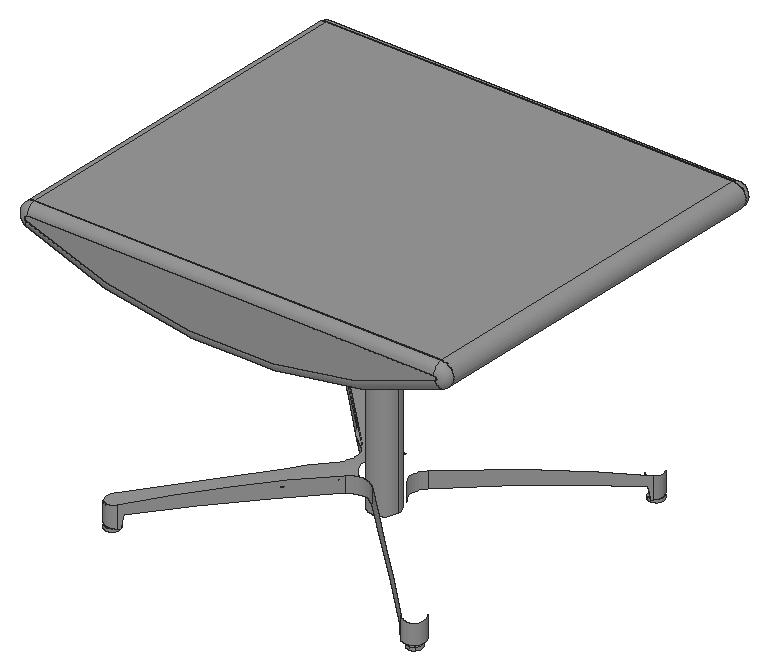
Revit family "Chico-Ottoman_Chair-Via_Seating", category Furniture, Revit 2014
Parameters (values of type "955-4POL")
  URL = "www.viaseating.com"
  Type Comments = "Ottoman"
  Salvage or Reuse = yes
  Plastic = UHMW, Black
  Percentage of Recycled Content = 0
  Model = "955-4POL"
  Material = ""
  Manufacturer = "VIA SEATING"  # constant formula
  Low Emitting Material = yes
  Low Emitting Finish = yes
  Leg Type = Otto 4 leg : 4POL
  Keynote = "12500"
  HW = Aluminum
  Fabric = Linen, White
  Description = "Fixed Height Swivel Base With Auto Return, 4 Leg Base"
  CYL = Steel, Chrome Plated
  Assembly Code = "E2020200"
  Aluminum = Aluminum
Types (3): name | Model | Leg Type | Description
  (no name) | "955-4POL" | Otto 4 leg : 4POL | "Fixed Height Swivel Base With Auto Return, 4 Leg Base"
  955-4POL | "955-4POL" | Otto 4 leg : 4POL | "Fixed Height Swivel Base With Auto Return, 4 Leg Base"
  955-DISC | "955-DISC" | Otto Disc : DSC | "Fixed Height Swivel Base With Auto Return, Disc Base"
Reference planes (in)
  plane 1 "Center Front/Back": y = 0
  plane 2: z = 0
  plane 3 "Center Left/Right": x = 0
Forms (in)
  Extrusion 1, solid, material "Steel, Chrome Plated" <- "CYL"
    sketch origin (0.00242, -0.00528, 3.2482) x (0, 1, 0) y (1, 0, 0)
      loop
        circle (0, 0) r 0.5
    from -4.875 to -6.2518
  Blend 2, solid, material "Aluminum" <- "HW"
    base sketch origin (0.00242, -0.00528, 9.1) x (0.707107, 0.707107, 0) y (-0.707107, 0.707107, 0)
      loop
        line (-1.43076, 0) -> (0, -1.43076) -> (1.43076, 0) -> (0, 1.43076) -> (-1.43076, 0)
    top sketch origin (0.00242, -0.00528, 9.1) x (0.707107, 0.707107, 0) y (-0.707107, 0.707107, 0)
      loop
        line (-2.12132, 0) -> (0, -2.12132) -> (2.12132, 0) -> (0, 2.12132) -> (-2.12132, 0)
    from 0 to 2.25
  Extrusion 3, solid, material "Aluminum" <- "HW"
    sketch origin (0.00242, -0.00528, 11.35) x (1, 0, 0) y (0, 1, 0)
      loop
        line (1.75, 1.75) -> (-1.75, 1.75) -> (-1.75, -1.75) -> (1.75, -1.75) -> (1.75, 1.75)
    from 0 to 0.25
  Extrusion 4, solid, material "Linen, White" <- "Fabric"
    sketch origin (0, 0, 0) x (1, 0, 0) y (0, 0, 1)
      loop
        arc (-10.58741, 15) -> (-11.19863, 14.50553) -> (-10.84272, 13.80452) r 0.625
        arc (-10.84272, 13.80452) -> (0, 11.48893) -> (10.84272, 13.80452) r 26.54317
        arc (10.84272, 13.80452) -> (11.19863, 14.50553) -> (10.58741, 15) r 0.625
        line (10.58741, 15) -> (-10.58741, 15)
    from -9.5 to 9.5
  Sweep 5, solid, material "Linen, White" <- "Fabric"
    path origin (0, -9.5, 0) x (1, 0, 0) y (0, 0, 1)
      loop
        line (10.58741, 15) -> (-10.58741, 15)
        arc (-10.58741, 15) -> (-11.19863, 14.50553) -> (-10.84272, 13.80452) r 0.625
        arc (-10.84272, 13.80452) -> (0, 11.48893) -> (10.84272, 13.80452) r 26.54317
        arc (10.84272, 13.80452) -> (11.19863, 14.50553) -> (10.58741, 15) r 0.625
    profile origin (0, -9.5, 15) x (0, 0, -1) y (0, -1, 0)
      loop
        line (0, 0) -> (0.5, 0) -> (0.5, 0.5)
        arc (0.5, 0.5) -> (0.14645, 0.35355) -> (0, 0) r 0.5
  Extrusion 6, solid, material "Linen, White" <- "Fabric"
    sketch origin (0, -9.5, 0) x (1, 0, 0) y (0, 0, 1)
      loop
        arc (-10.58741, 14.5) -> (-10.70965, 14.40111) -> (-10.63847, 14.2609) r 0.125
        arc (-10.63847, 14.2609) -> (0, 11.98893) -> (10.63847, 14.2609) r 26.04317
        arc (10.63847, 14.2609) -> (10.70965, 14.40111) -> (10.58741, 14.5) r 0.125
        line (10.58741, 14.5) -> (-10.58741, 14.5)
    from 0 to 0.5
  Sweep 7, solid, material "Linen, White" <- "Fabric"
    path origin (0, 9.5, 0) x (1, 0, 0) y (0, 0, 1)
      loop
        line (10.58741, 15) -> (-10.58741, 15)
        arc (-10.58741, 15) -> (-11.19863, 14.50553) -> (-10.84272, 13.80452) r 0.625
        arc (-10.84272, 13.80452) -> (0, 11.48893) -> (10.84272, 13.80452) r 26.54317
        arc (10.84272, 13.80452) -> (11.19863, 14.50553) -> (10.58741, 15) r 0.625
    profile origin (0, 9.5, 15) x (0, 0, -1) y (0, -1, 0)
      loop
        arc (0, 0) -> (0.14645, -0.35355) -> (0.5, -0.5) r 0.5
        line (0.5, -0.5) -> (0.5, 0) -> (0, 0)
  Extrusion 8, solid, material "Linen, White" <- "Fabric"
    sketch origin (0, 9.5, 0) x (1, 0, 0) y (0, 0, -1)
      loop
        line (-10.58741, -14.5) -> (10.58741, -14.5)
        arc (10.58741, -14.5) -> (10.70965, -14.40111) -> (10.63847, -14.2609) r 0.125
        arc (10.63847, -14.2609) -> (0, -11.98893) -> (-10.63847, -14.2609) r 26.04317
        arc (-10.63847, -14.2609) -> (-10.70965, -14.40111) -> (-10.58741, -14.5) r 0.125
    from 0 to 0.5
Dimensions and locks (in)
  aligned and locked: level to plane 2
  aligned and locked: plane 3 "Center Left/Right" to nested 1
  aligned and locked: plane 1 "Center Front/Back" to nested 1
Nested families (in)
  nested 1: "Otto 4 leg" at (0, 0, 0), type <- "Leg Type", type "4POL"
Definition of nested family "Otto 4 leg"
  Parameters (values of type "4POL")
    PLASTIC = UHMW, Black
    Material = ""
    LEG = Aluminum
    HW = Aluminum
    GLIDE = Aluminum
    CYL = Steel, Chrome Plated
  Reference planes (in)
    plane 1 "Center Front/Back": y = 0
    plane 2: z = 0
    plane 3 "Center Left/Right": x = 0
  Forms (in)
    Revolve 1, solid, material "Aluminum" <- "LEG"
      sketch origin (0, 0, 0) x (0, 1, 0) y (0, 0, 1)
        loop
          arc (11.66903, 1.21724) -> (5.85799, 2.00253) -> (0, 2.26499) r 65.50391
          line (0, 2.26499) -> (0, 1.43128)
          arc (0, 1.43128) -> (5.37989, 1.29131) -> (10.74522, 0.87176) r 103.45596
          line (10.74522, 0.87176) -> (10.8717, 0.2482) -> (11.66903, 0.2482) -> (11.66903, 1.21724)
        axis (0, 2.26499) -> (0, 0.2482)
      angle from 0 to 360
    Extrusion 2, void
      sketch origin (0, 0, 0) x (0.707107, 0.707107, 0) y (-0.707107, 0.707107, 0)
        loop
          line (-1.70036, 0.71898) -> (-10.95129, 0.54832)
          arc (-10.95129, 0.54832) -> (-11.48958, 0) -> (-10.95129, -0.54832) r 0.54841
          line (-10.95129, -0.54832) -> (-1.70036, -0.71898)
          arc (-1.70036, -0.71898) -> (-1.0117, -1.0117) -> (-0.71898, -1.70036) r 1
          line (-0.71898, -1.70036) -> (-0.54832, -10.95129)
          arc (-0.54832, -10.95129) -> (0, -11.48958) -> (0.54832, -10.95129) r 0.54841
          line (0.54832, -10.95129) -> (0.71898, -1.70036)
          arc (0.71898, -1.70036) -> (1.0117, -1.0117) -> (1.70036, -0.71898) r 1
          line (1.70036, -0.71898) -> (10.95129, -0.54832)
          arc (10.95129, -0.54832) -> (11.48958, 0) -> (10.95129, 0.54832) r 0.54841
          line (10.95129, 0.54832) -> (1.70036, 0.71898)
          arc (1.70036, 0.71898) -> (1.0117, 1.0117) -> (0.71898, 1.70036) r 1
          line (0.71898, 1.70036) -> (0.54832, 10.95129)
          arc (0.54832, 10.95129) -> (0, 11.48958) -> (-0.54832, 10.95129) r 0.54841
          line (-0.54832, 10.95129) -> (-0.71898, 1.70036)
          arc (-0.71898, 1.70036) -> (-1.0117, 1.0117) -> (-1.70036, 0.71898) r 1
        loop
          circle (0, 0) r 12
      from 0 to 2.84978
    Revolve 3, solid, material "Aluminum" <- "GLIDE"
      sketch origin (0, 0, 0) x (-0.707107, 0.707107, 0) y (0, 0, 1)
        loop
          line (11.125, 0) -> (11.49947, 0) -> (11.49947, 0.125) -> (11.23167, 0.125) -> (11.23167, 0.2482) -> (11.125, 0.2482) -> (11.125, 0)
        axis (11.125, 0) -> (11.125, 0.2482)
      angle from 0 to 360
    Extrusion 4, solid, material "Aluminum" <- "LEG"
      sketch origin (0, 0, 0.2482) x (0, 1, 0) y (1, 0, 0)
        loop
          circle (0, 0) r 0.75
      from 0 to -7.75
    Extrusion 5, solid, material "UHMW, Black" <- "PLASTIC"
      sketch origin (0, 0, 0.2482) x (0, 1, 0) y (1, 0, 0)
        loop
          circle (0, 0) r 0.75
      from -7.875 to -7.75
    Revolve 6, solid, material "Aluminum" <- "GLIDE"
      sketch origin (0, 0, 0) x (0.707107, 0.707107, 0) y (0, 0, 1)
        loop
          line (11.125, 0) -> (11.49947, 0) -> (11.49947, 0.125) -> (11.23167, 0.125) -> (11.23167, 0.2482) -> (11.125, 0.2482) -> (11.125, 0)
        axis (11.125, 0) -> (11.125, 0.2482)
      angle from 0 to 360
    Revolve 7, solid, material "Aluminum" <- "GLIDE"
      sketch origin (0, 0, 0) x (-0.707107, -0.707107, 0) y (0, 0, 1)
        loop
          line (11.125, 0) -> (11.49947, 0) -> (11.49947, 0.125) -> (11.23167, 0.125) -> (11.23167, 0.2482) -> (11.125, 0.2482) -> (11.125, 0)
        axis (11.125, 0) -> (11.125, 0.2482)
      angle from 0 to 360
    Revolve 8, solid, material "Aluminum" <- "GLIDE"
      sketch origin (0, 0, 0) x (0.707107, -0.707107, 0) y (0, 0, 1)
        loop
          line (11.125, 0) -> (11.49947, 0) -> (11.49947, 0.125) -> (11.23167, 0.125) -> (11.23167, 0.2482) -> (11.125, 0.2482) -> (11.125, 0)
        axis (11.125, 0) -> (11.125, 0.2482)
      angle from 0 to 360
  Cuts and joins
    Extrusion 2 cuts Revolve 1
  Lines and regions (in)
    symbolic lines, style "FurnitureHiddenLines"
      curve 1: line (-7.35601, 8.13145, 0) -> (-0.69394, 1.71073, 0)
      curve 2: arc (-8.13145, 7.35601, 0) -> (-8.12436, 8.12436, 0) -> (-7.35601, 8.13145, 0) r 0.54841
      curve 3: arc (-0.69394, 1.71073, 0) -> (0, 1.43076, 0) -> (0.69394, 1.71073, 0) r 1
      curve 4: line (0.69394, 1.71073, 0) -> (7.35601, 8.13145, 0)
      curve 5: arc (7.35601, 8.13145, 0) -> (8.12436, 8.12436, 0) -> (8.13145, 7.35601, 0) r 0.54841
      curve 6: arc (1.71073, 0.69394, 0) -> (1.43076, 0, 0) -> (1.71073, -0.69394, 0) r 1
      curve 7: line (1.71073, -0.69394, 0) -> (8.13145, -7.35601, 0)
      curve 8: line (7.35601, -8.13145, 0) -> (0.69394, -1.71073, 0)
      curve 9: line (-0.69394, -1.71073, 0) -> (-7.35601, -8.13145, 0)
      curve 10: arc (-1.71073, -0.69394, 0) -> (-1.43076, 0, 0) -> (-1.71073, 0.69394, 0) r 1
      curve 11: arc (0.69394, -1.71073, 0) -> (0, -1.43076, 0) -> (-0.69394, -1.71073, 0) r 1
      curve 12: line (-1.71073, 0.69394, 0) -> (-8.13145, 7.35601, 0)
      curve 13: arc (8.13145, -7.35601, 0) -> (8.12436, -8.12436, 0) -> (7.35601, -8.13145, 0) r 0.54841
      curve 14: line (8.13145, 7.35601, 0) -> (1.71073, 0.69394, 0)
      curve 15: arc (-7.35601, -8.13145, 0) -> (-8.12436, -8.12436, 0) -> (-8.13145, -7.35601, 0) r 0.54841
      curve 16: line (-8.13145, -7.35601, 0) -> (-1.71073, -0.69394, 0)
  Dimensions and locks (in)
    aligned and locked: level to plane 2
